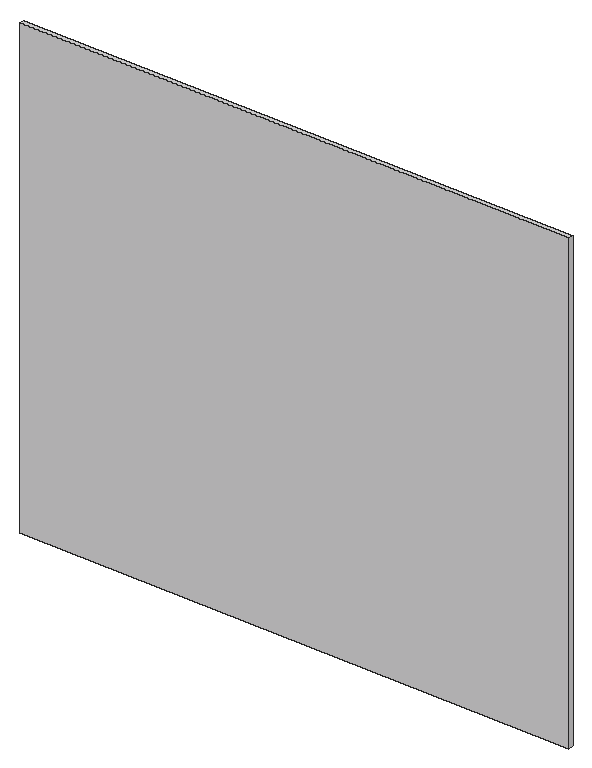
Revit family
Parameters
  Zobrazit čáru obkladu = yes
  Zobrazit hmotu obkladu = yes
  Výška obkladu [instance] = 1000 mm
  Tloušťka obkladu = 10 mm
  Plocha obkladu [instance] = [built-in parameter 1001306] * Výška obkladu  # 1.20 m²
  Odsazení čáry obkladu = 50 mm
  Odsazení obkladu [instance] = 0 mm
  Materiál obkladu = Povrchy - Interiér - Obklad
  built-in parameter 1001306 [instance] = 1200 mm
Reference planes
  plane 1 "Střed (vpředu/vzadu)": y = 0
  plane 2: z = 0
  plane 3 "Levý": x = 0
  plane 4 "Pravý": x = 1200
  plane 5: y = -10
  plane 6: z = 1000
  plane 7: z = 0
Forms (mm)
  Sweep 1, solid, material "Povrchy - Interiér - Obklad" <- "Materiál obkladu", visible <- "Zobrazit hmotu obkladu"
    path in 3D
      loop
        line (0, 0, 0) -> (1200, 0, 0)
    profile origin (600, 0, 0) x (0, 1, 0) y (0, 0, 1)
      loop
        line (0, 0) -> (0, 1000) -> (-10, 1000) -> (-10, 0) -> (0, 0)
Lines and regions (mm)
  reference lines
    curve 1: line (0, 0, 0) -> (1200, 0, 0)
    curve 3: line (50, 233.989, 0) -> (50, -401.011, 0)
    curve 4: line (1150, 233.989, 0) -> (1150, -401.011, 0)
    curve 5: line (-145.194, -50, 0) -> (1349.806, -50, 0)
  sketch lines
    curve 2: line (0, 0, 0) -> (1200, 0, 0)
  symbolic lines, style "Obklad", visible <- "Zobrazit čáru obkladu"
    curve 6: line (50, -50, 0) -> (1150, -50, 0)
Dimensions and locks
  "built-in parameter 1001306": plane 3 "Levý" to plane 4 "Pravý"
  "Výška obkladu": plane 6 to plane 7
  "Tloušťka obkladu": plane 1 "Střed (vpředu/vzadu)" to plane 5
  "Odsazení čáry obkladu": curve 5 to plane 1 "Střed (vpředu/vzadu)"
  "Odsazení čáry obkladu": plane 3 "Levý" to curve 3
  "Odsazení čáry obkladu": curve 4 to plane 4 "Pravý"
  "Odsazení obkladu": plane 7 to level
  aligned and locked: plane 4 "Pravý" to curve 1
  aligned and locked: plane 1 "Střed (vpředu/vzadu)" to curve 1
  aligned and locked: plane 3 "Levý" to curve 1
  aligned and locked: level to plane 2
  aligned and locked: Sweep 1 sketch curve to plane 1 "Střed (vpředu/vzadu)"
  aligned and locked: plane 6 to Sweep 1 sketch curve
  aligned and locked: Sweep 1 sketch curve to plane 5
  aligned and locked: curve 5 to curve 6
  aligned and locked: curve 3 to curve 6
  aligned and locked: curve 4 to curve 6
  aligned and locked: Sweep 1 sketch curve to plane 7
Automatic sketch dimensions
  curve 5 to plane 3 "Levý" = 145.194 mm
  plane 4 "Pravý" to curve 5 = 149.806 mm
  curve 4 to curve 5 = 351.011 mm
  curve 3 to curve 5 = 351.011 mm
  curve 4 to plane 1 "Střed (vpředu/vzadu)" = 233.989 mm
  curve 3 to plane 1 "Střed (vpředu/vzadu)" = 233.989 mm
